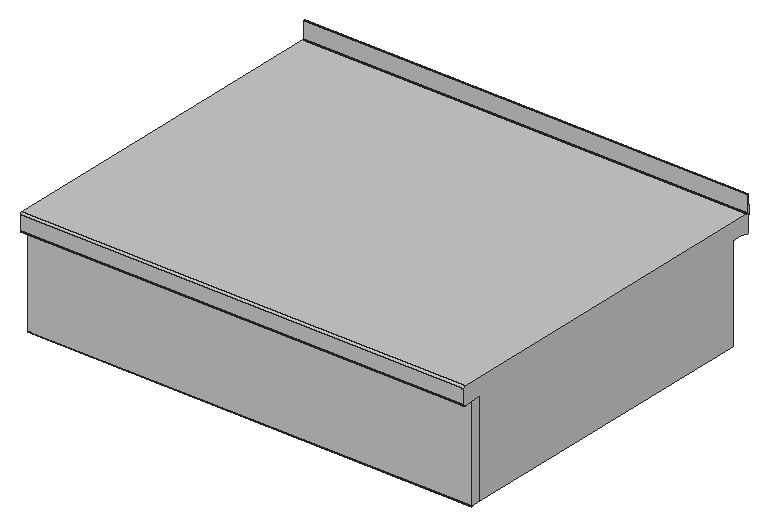
Revit family "QF_ELECTROLUXPROFESSIONAL_588121_MANABBJOOO", category Specialty Equipment, Revit 2018
Family settings
  Round Connector Dimension = Use Diameter
  Part Type = Normal
  Work Plane-Based = No
  Always vertical = Yes
  Cut with Voids When Loaded = No
  Shared = No
  Room Calculation Point = No
Parameters
  Weight in Pounds = 52.91
  URL Cutsheet = "www.electrolux.com/professional"
  URL = "www.electrolux.com/professional"
  Type Mark [instance] = ""
  Status [instance] = ""
  Specification by User [instance] = ""
  Specification by Manufacturer = ""
  Serial Number = ""
  Seismic Rating = ""
  SMACNA No = ""
  Revision Code [instance] = ""
  Omniclass Number and Title = ""
  NAFEM Spec ID Number = ""
  Model = "588121"
  Masterspec = ""
  Manufacturer = "ELECTROLUX"
  Item Number [instance] = ""
  Installed By [instance] = ""
  Identify Quantity as Lot [instance] = yes
  Furnished By [instance] = ""
  Foodservice Equipment Identifier [instance] = yes
  Direct Waste Size = 0"
  Description = "CLOSED WORK TOP,1-S,BACKSPL,1000X800X250H"
  CSI MasterFormat = ""
  CSI Master Format = ""
Reference planes
  plane 1 "BACK": y = 0
  plane 2: z = 0
  plane 3 "LEFT": x = 0
  plane 4 "RIGHT": x = 1000
  plane 5 "FRONT": y = -800
  plane 6 "TOP": z = 250
  plane 7 "Center Y": x = 500
  plane 8 "Center X": y = -400
  plane 9: z = 288
Forms (mm)
  Extrusion 1, solid, material "QF_Finishes_Stainless Steel"
    sketch origin (0, 50.048, 0) x (0, 1, 0) y (0, 0, 1)
      loop
        line (-95.048, 213) -> (-71.412, 213) -> (-54.743, 210.061)
        arc (-54.743, 210.061) -> (-51.477, 210.936) -> (-50.048, 214) r 4
        line (-50.048, 214) -> (-50.048, 246)
        arc (-50.048, 246) -> (-51.22, 248.828) -> (-54.048, 250) r 4
        line (-54.048, 250) -> (-846.048, 250)
        arc (-846.048, 250) -> (-848.877, 248.828) -> (-850.048, 246) r 4
        line (-850.048, 246) -> (-850.048, 214)
        arc (-850.048, 214) -> (-848.619, 210.936) -> (-845.353, 210.061) r 4
        line (-845.353, 210.061) -> (-828.509, 213) -> (-805.048, 213) -> (-805.048, 0) -> (-95.048, 0) -> (-95.048, 213)
    from 0 to 1000
  Extrusion 2, solid, material "QF_Finishes_Stainless Steel"
    sketch origin (0, 50.048, 0) x (0, 1, 0) y (0, 0, 1)
      loop
        arc (-828.048, 213) -> (-829.462, 212.414) -> (-830.048, 211) r 2
        line (-830.048, 211) -> (-830.048, 2)
        arc (-830.048, 2) -> (-829.462, 0.586) -> (-828.048, 0) r 2
        line (-828.048, 0) -> (-805.048, 0) -> (-805.048, 213) -> (-828.048, 213)
    from 0 to 1000
  Extrusion 3, solid, material "QF_Finishes_Stainless Steel"
    sketch origin (0, -950.048, 0) x (0, -1, 0) y (0, 0, -1)
      loop
        arc (-948.097, -252.006) -> (-947.511, -250.592) -> (-946.097, -250.006) r 2
        arc (-946.097, -250.006) -> (-948.877, -248.828) -> (-950.048, -246) r 4
        line (-950.048, -246) -> (-950.048, -288.006) -> (-948.097, -288.006) -> (-948.097, -252.006)
    from 0 to 1000
Lines and regions (mm)
  symbolic lines
    curve 1: line (0, 0, 0) -> (1000, 0, 0)
    curve 2: line (0, -800, 0) -> (0, 0, 0)
    curve 3: line (1000, -800, 0) -> (0, -800, 0)
    curve 4: line (1000, 0, 0) -> (1000, -800, 0)
    curve 5: line (0, -1.951, 0) -> (1000, -1.951, 0)
Dimensions and locks
  equal spacing: plane 3 "LEFT", plane 7 "Center Y", plane 4 "RIGHT"
  plane 3 "LEFT" to plane 4 "RIGHT" = 1000.00 mm
  equal spacing: plane 5 "FRONT", plane 8 "Center X", plane 1 "BACK"
  plane 5 "FRONT" to plane 1 "BACK" = 800.00 mm
  plane 6 "TOP" to level = 250.00 mm
  plane 9 to level = 288.00 mm
  plane 9 to plane 6 "TOP" = 38.00 mm
  aligned and locked: level to plane 2
  aligned and locked: Extrusion 1 to plane 4 "RIGHT"
  aligned and locked: Extrusion 2 to plane 4 "RIGHT"
  aligned and locked: Extrusion 3 to plane 4 "RIGHT"
Automatic sketch dimensions
  Extrusion 1 sketch curve to plane 5 "FRONT" = 0.00 mm
  Extrusion 1 sketch curve to plane 6 "TOP" = 0.00 mm
  Extrusion 1 sketch curve to level = 0.00 mm
  Extrusion 1 sketch curve to plane 1 "BACK" = 0.00 mm
  Extrusion 1 sketch curve to plane 5 "FRONT" = 4.695 mm
  Extrusion 1 sketch curve to plane 6 "TOP" = 39.939 mm
  Extrusion 1 sketch curve to plane 5 "FRONT" = 4.00 mm  (x2)
  Extrusion 1 sketch curve to Extrusion 1 sketch curve = 16.844 mm
  Extrusion 1 sketch curve to plane 5 "FRONT" = 45.00 mm
  plane 1 "BACK" to Extrusion 1 sketch curve = 45.00 mm
  plane 1 "BACK" to Extrusion 1 sketch curve = 21.364 mm
  plane 1 "BACK" to Extrusion 1 sketch curve = 4.00 mm
  plane 1 "BACK" to Extrusion 1 sketch curve = 4.695 mm
  Extrusion 1 sketch curve to Extrusion 1 sketch curve = 0.00 mm  (x2)
  Extrusion 1 sketch curve to Extrusion 1 sketch curve = 4.00 mm
  Extrusion 1 sketch curve to plane 6 "TOP" = 37.00 mm  (x2)
  Extrusion 1 sketch curve to Extrusion 1 sketch curve = 1.00 mm
  Extrusion 2 sketch curve to level = 0.00 mm
  Extrusion 2 sketch curve to plane 5 "FRONT" = 20.00 mm
  level to Extrusion 2 sketch curve = 2.00 mm
  Extrusion 2 sketch curve to Extrusion 2 sketch curve = 2.00 mm
  Extrusion 2 sketch curve to Extrusion 2 sketch curve = 23.00 mm
  Extrusion 2 sketch curve to plane 6 "TOP" = 39.00 mm
  Extrusion 3 sketch curve to plane 1 "BACK" = 0.00 mm  (x2)
  Extrusion 3 sketch curve to plane 6 "TOP" = 2.006 mm
  Extrusion 3 sketch curve to plane 6 "TOP" = 0.00 mm
  Extrusion 3 sketch curve to plane 9 = 0.006 mm
  Extrusion 3 sketch curve to Extrusion 3 sketch curve = 1.951 mm
  Extrusion 3 sketch curve to Extrusion 3 sketch curve = 2.00 mm
  Extrusion 3 sketch curve to Extrusion 3 sketch curve = 0.049 mm
  Extrusion 3 sketch curve to Extrusion 3 sketch curve = 0.00 mm
  plane 1 "BACK" to curve 1 = 0.00 mm
  curve 1 to plane 3 "LEFT" = 0.00 mm
  curve 1 to plane 4 "RIGHT" = 0.00 mm
  plane 5 "FRONT" to curve 4 = 0.00 mm
  curve 5 to curve 1 = 1.951 mm
